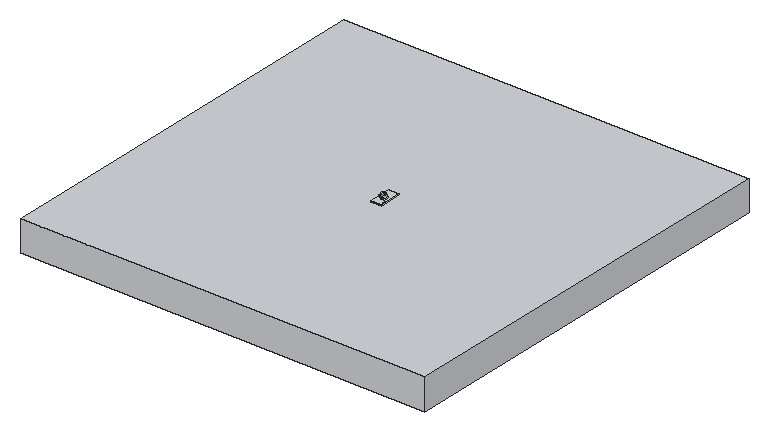
Revit family "HL_Стиральная устройство_HL404", category Instalační zařizovací předměty, Revit 2016
Family settings
  Hostitel = Plocha
  Typ součásti = Normální
  Kóta kulaté spojky = Použít průměr
  Číslo OmniClass = 23.70.50.21.37
  Nadpis OmniClass = Valves for Removal Systems
  Ořezat dutým tvarem při načtení = Ne
  Sdílené = Ano
  Bod výpočtu místnosti = Ne
Parameters (values of type "HL404")
  РАЗМЕР = "DN40/50"
  ПРОПУСКНАЯ СПОСОБНОСТЬ [instance] = 0 L/s
  ПРОИЗВОДИТЕЛЬНОСТЬ = "0,38 l/s"
  ПРАВОВАЯ ИНФОРМАЦИЯ = "Авторские права(©), права на дизайн или какие либо другие права интелектуальной собственности являются исключительной собственностью компании HL Hutterer & Lechner. Изменению не подлежит. Файл семейства с данными о прозводителе изделия защищен паролем с водяным знаком."  # constant formula
  НОМИНАЛЬНЫЙ ДИАМЕТР [instance] = 50 mm
  МАТЕРИАЛ = "PE/ V2A\r\nPE/ V2A"
  ГЛУБИНА МОНТАЖА = "65-115 mm"
  ВЕС = "0,48 [kg]"
  Výrobce = "HL Hutterer & Lechner GmbH"  # constant formula
  URL = "http://www.hutterer-lechner.com/ru/Products/catalog/washing-devices/products/HL404.aspx"
  Výchozí výška = 600 mm
  Popis = "Стиральная устройство"
  Model = "HL404"
  Komentáře k typům = "Встроенный сифон для стиральной или посудомоечной машины DN40/50 с соединительным коленом 3/4\" HL19, со снимаемым корпусом оболочки, с прочисткой, декоративной плитой из нержавеющей стали 108 х 225 мм, с возможностью установки вантуза. Глубина монтажа: 65мм."
  Keynote = "HL404"
  глубина монтажа [instance] = 115 mm
  EAN = "9003076504046"
  E [instance] = НОМИНАЛЬНЫЙ ДИАМЕТР = 50 mm  # yes
  D [instance] = if(or(глубина монтажа < 65 mm, глубина монтажа > 115 mm), 0 mm, 105 mm)  # 105 mm
  C [instance] = if(or(НОМИНАЛЬНЫЙ ДИАМЕТР = 50 mm, НОМИНАЛЬНЫЙ ДИАМЕТР = 40 mm), 6 mm, 0 mm)  # 6 mm
  A [instance] = if(НОМИНАЛЬНЫЙ ДИАМЕТР = 50 mm, 192 mm, 141 mm)  # 192 mm
Types (2, lengths in mm): name | URL | Popis | Komentáře k typům
  (no name) | "http://www.hutterer-lechner.com/en/Products/catalog/washing-devices/attachments/HL404.aspx" | "Washing devices" | "Recessed washing device trap DN40/50 with connection for air admittance valve, cleaning eye, appliance hose connector 3/4' HL19 and stainless steel coverplate 108 x 225 mm. Minimum installation depth 65 mm. Comes with lot cover."
  HL404 | "http://www.hutterer-lechner.com/ru/Products/catalog/washing-devices/products/HL404.aspx" | "Стиральная устройство" | "Встроенный сифон для стиральной или посудомоечной машины DN40/50 с соединительным коленом 3/4\" HL19, со снимаемым корпусом оболочки, с прочисткой, декоративной плитой из нержавеющей стали 108 х 225 мм, с возможностью установки вантуза. Глубина монтажа: 65мм."
Reference planes
  plane 1 "Center (Front/Back)": y = 0
  plane 2: z = 0
  plane 3 "Center (Left/Right)": x = 0
  plane 4 "Con": z = -86.5
  plane 5: z = -115
Forms (mm)
  Extrusion 1, solid
    sketch origin (0, 0, 0) x (1, 0, 0) y (0, 1, 0)
      loop
        line (-2000, 2000) -> (-2000, -2000) -> (2000, -2000) -> (2000, 2000) -> (-2000, 2000)
    from 0 to -304.8
  Extrusion 2, solid, material "Metal - steel", detail levels fine
    sketch origin (0, 0, 0) x (0, -1, 0) y (1, 0, 0)
      loop
        line (-119.557, -52.5) -> (102.443, -52.5) -> (102.443, 52.5) -> (-119.557, 52.5) -> (-119.557, -52.5)
    from 0 to 6
  Extrusion 3, solid, material "Plactic - Black", detail levels fine
    sketch origin (0, 156.429, -115) x (0, 1, 0) y (-1, 0, 0)
      loop
        line (-242.372, -25.453) -> (-163.318, -39.392)
        arc (-163.318, -39.392) -> (-147.078, -38.905) -> (-132.372, -32) r 40
        line (-132.372, -32) -> (-132.372, -40) -> (-62.672, -40)
        arc (-62.672, -40) -> (-55.601, -37.071) -> (-52.672, -30) r 10
        line (-52.672, -30) -> (-52.672, 30)
        arc (-52.672, 30) -> (-55.601, 37.071) -> (-62.672, 40) r 10
        line (-62.672, 40) -> (-132.372, 40) -> (-132.372, 32)
        arc (-132.372, 32) -> (-143.723, 37.947) -> (-156.372, 40) r 40
        line (-156.372, 40) -> (-228.776, 40)
        arc (-228.776, 40) -> (-236.49, 37.193) -> (-240.594, 30.084) r 12
        line (-240.594, 30.084) -> (-242.372, 20) -> (-242.372, -25.453)
    from 0 to 28.5
  Extrusion 4, solid, material "Plactic - Black", detail levels fine
    sketch origin (0, 156.429, -115) x (0, 1, 0) y (-1, 0, 0)
      loop
        line (-160.046, -42) -> (-62.672, -42)
        arc (-62.672, -42) -> (-54.187, -38.485) -> (-50.672, -30) r 12
        line (-50.672, -30) -> (-50.672, 30)
        arc (-50.672, 30) -> (-54.187, 38.485) -> (-62.672, 42) r 12
        line (-62.672, 42) -> (-230.372, 42)
        arc (-230.372, 42) -> (-240.271, 37.899) -> (-244.372, 28) r 14
        line (-244.372, 28) -> (-244.372, -27.131) -> (-160.046, -42)
    from 28.5 to 115
  Revolve 5, solid, material "Plactic - Black", detail levels fine
    sketch origin (-211.611, -4610.912, -86.5) x (-1, 0, 0) y (0, -1, 0)
      loop
        line (-231.606, -4525.07) -> (-211.611, -4525.07) -> (-211.611, -4472.97) -> (-231.606, -4472.97) -> (-231.606, -4525.07)
      axis (-211.611, -4472.97) -> (-211.611, -4525.07)
    angle from 0 to 360
  Revolve 6, solid, material "Plactic - Black", visible <- "E", detail levels fine
    sketch origin (-211.611, -4610.912, -86.5) x (-1, 0, 0) y (0, -1, 0)
      loop
        line (-236.6, -4472.97) -> (-211.611, -4472.97) -> (-211.611, -4418.97) -> (-236.6, -4418.97) -> (-236.6, -4472.97)
      axis (-211.611, -4472.97) -> (-211.611, -4418.97)
    angle from 0 to 360
  Revolve 7, void
    sketch origin (-211.611, -4610.912, -86.5) x (-1, 0, 0) y (0, -1, 0)
      loop
        line (-228.607, -4477.449) -> (-211.611, -4477.449) -> (-211.611, -4465.291) -> (-228.607, -4465.291) -> (-228.607, -4477.449)
      axis (-211.611, -4477.449) -> (-211.611, -4465.291)
    angle from 0 to 360
  Revolve 8, solid, material "Plactic - White", detail levels fine
    sketch origin (0, 0.057, -28) x (0, 0, -1) y (0, 1, 0)
      loop
        line (-52, 0) -> (-52, -15.004) -> (-42, -15.004) -> (-42, -24.074) -> (-34, -24.074) -> (-34, 0) -> (-52, 0)
      axis (-52, 0) -> (-34, 0)
    angle from 0 to 360
Cuts and joins
  Revolve 7 cuts Revolve 6
  joined: Extrusion 4, Revolve 5
Lines and regions (mm)
  reference lines
    curve 1: line (0, -192, -86.5) -> (0, -132.093, -86.5)
  model lines, style "Logo", detail levels fine
    curve 2: line (39, -92.976, 6) -> (39, -99.976, 6)
    curve 3: line (39, -96.476, 6) -> (43.434, -96.476, 6)
    curve 4: line (43.434, -92.976, 6) -> (43.434, -99.976, 6)
    curve 5: line (45.827, -92.976, 6) -> (45.827, -99.976, 6)
    curve 6: line (45.827, -99.976, 6) -> (49.93, -99.976, 6)
  model lines, detail levels coarse+medium
    curve 7: line (0, -191.943, -86.5) -> (0, 0.057, -86.5)
    curve 8: line (0, 0.057, -86.5) -> (0, 0.057, 54.1)
    curve 9: line (0, 0.057, 54.1) -> (0, -57.243, 54.1)
  symbolic lines, detail levels coarse+medium
    curve 10: line (0, 0, 0) -> (0, 0, 105)
    curve 11: line (40, 0, 65) -> (-40, 0, 65)
Dimensions and locks
  "A": curve 1 to plane 1 "Center (Front/Back)"
  locked: plane 4 "Con" to plane 5 at 28.5
  "глубина монтажа": plane 2 to plane 5
  "C": Extrusion 2 to Extrusion 2
  "D": Extrusion 2 sketch curve to Extrusion 2 sketch curve
  aligned and locked: Extrusion 1 to plane 2
  aligned and locked: Extrusion 1 to level
  aligned and locked: plane 2 to Extrusion 4
Automatic sketch dimensions
  Extrusion 1 sketch curve to Extrusion 1 sketch curve = 4000 mm  (x2)
  Extrusion 3 sketch curve to Extrusion 3 sketch curve = 0 mm  (x3)
  Extrusion 3 sketch curve to plane 3 "Center (Left/Right)" = 0 mm
  Extrusion 3 sketch curve to plane 3 "Center (Left/Right)" = 20 mm
  plane 1 "Center (Front/Back)" to Extrusion 3 sketch curve = 85.943 mm
  Extrusion 3 sketch curve to plane 3 "Center (Left/Right)" = 30.084 mm
  Extrusion 3 sketch curve to Extrusion 3 sketch curve = 1.778 mm
  Extrusion 3 sketch curve to Extrusion 3 sketch curve = 11.818 mm
  plane 1 "Center (Front/Back)" to Extrusion 3 sketch curve = 6.889 mm
  Extrusion 3 sketch curve to plane 1 "Center (Front/Back)" = 0.057 mm
  Extrusion 3 sketch curve to plane 1 "Center (Front/Back)" = 24.057 mm  (x2)
  Extrusion 3 sketch curve to plane 3 "Center (Left/Right)" = 30 mm
  Extrusion 3 sketch curve to Extrusion 3 sketch curve = 69.7 mm
  plane 3 "Center (Left/Right)" to Extrusion 3 sketch curve = 40 mm
  Extrusion 3 sketch curve to Extrusion 3 sketch curve = 10 mm
  Extrusion 3 sketch curve to Extrusion 3 sketch curve = 0.608 mm
  Extrusion 3 sketch curve to Extrusion 3 sketch curve = 2.084 mm
  plane 3 "Center (Left/Right)" to Extrusion 4 sketch curve = 27.131 mm
  plane 1 "Center (Front/Back)" to Extrusion 4 sketch curve = 87.943 mm
  Extrusion 4 sketch curve to Extrusion 4 sketch curve = 14 mm
  plane 1 "Center (Front/Back)" to Extrusion 4 sketch curve = 3.617 mm
  Extrusion 4 sketch curve to plane 3 "Center (Left/Right)" = 42 mm
  Extrusion 4 sketch curve to plane 1 "Center (Front/Back)" = 93.757 mm
  plane 3 "Center (Left/Right)" to Extrusion 4 sketch curve = 42 mm
  Extrusion 4 sketch curve to Extrusion 4 sketch curve = 0 mm
  Extrusion 4 sketch curve to Extrusion 4 sketch curve = 12 mm
  Revolve 5 sketch curve to plane 3 "Center (Left/Right)" = 0 mm
  plane 3 "Center (Left/Right)" to Revolve 5 sketch curve = 0 mm
  Revolve 5 sketch curve to Revolve 5 sketch curve = 19.995 mm
  plane 1 "Center (Front/Back)" to Revolve 5 sketch curve = 85.843 mm
  Revolve 5 sketch curve to Revolve 5 sketch curve = 52.1 mm
  Revolve 5 sketch curve to Revolve 5 sketch curve = 7.643 mm
  Revolve 5 sketch curve to Revolve 5 sketch curve = 20.257 mm
  Revolve 7 sketch curve to plane 3 "Center (Left/Right)" = 0 mm  (x2)
  Revolve 7 sketch curve to Revolve 7 sketch curve = 16.996 mm
  plane 1 "Center (Front/Back)" to Revolve 7 sketch curve = 133.463 mm
  Revolve 7 sketch curve to Revolve 7 sketch curve = 12.158 mm
  Revolve 7 sketch curve to Revolve 7 sketch curve = 5.07 mm
  Revolve 7 sketch curve to Revolve 7 sketch curve = 12.772 mm
  curve 5 to Extrusion 2 = 9.467 mm
  curve 2 to Extrusion 2 = 2.467 mm
  curve 2 to Extrusion 2 = 13.5 mm
  curve 4 to curve 5 = 0 mm  (x2)
  curve 2 to curve 4 = 0 mm
  curve 4 to curve 3 = 3.5 mm
  curve 4 to Extrusion 2 = 2.467 mm
  curve 3 to curve 3 = 4.434 mm
  curve 4 to curve 5 = 2.393 mm
  curve 6 to Extrusion 2 = 2.57 mm
  Revolve 6 sketch curve to plane 3 "Center (Left/Right)" = 0 mm  (x2)
  plane 3 "Center (Left/Right)" to Revolve 6 sketch curve = 24.989 mm
  plane 1 "Center (Front/Back)" to Revolve 6 sketch curve = 137.943 mm
  Revolve 6 sketch curve to Revolve 6 sketch curve = 3.76 mm
  Revolve 6 sketch curve to Revolve 6 sketch curve = 23.671 mm
  Revolve 6 sketch curve to Revolve 6 sketch curve = 54 mm
  curve 7 to plane 4 "Con" = 0 mm
  curve 8 to plane 1 "Center (Front/Back)" = 0.057 mm  (x2)
  level to curve 9 = 54.1 mm
  curve 9 to curve 8 = 57.3 mm
  plane 1 "Center (Front/Back)" to curve 7 = 191.943 mm
  level to Revolve 8 sketch curve = 24 mm
  level to Revolve 8 sketch curve = 14 mm
  Revolve 8 sketch curve to plane 1 "Center (Front/Back)" = 0.057 mm  (x2)
  level to Revolve 8 sketch curve = 6 mm
  plane 1 "Center (Front/Back)" to Revolve 8 sketch curve = 14.947 mm
  Revolve 8 sketch curve to Revolve 8 sketch curve = 9.069 mm
  Revolve 8 sketch curve to Revolve 8 sketch curve = 12.238 mm
  level to Revolve 8 sketch curve = 1.6 mm
  plane 3 "Center (Left/Right)" to Extrusion 3 sketch curve = 25.453 mm
  curve 10 to plane 3 "Center (Left/Right)" = 0 mm
  curve 10 to level = 0 mm
  curve 11 to plane 3 "Center (Left/Right)" = 40 mm
  plane 3 "Center (Left/Right)" to curve 11 = 40 mm
  level to curve 11 = 65 mm
  curve 11 to curve 10 = 40 mm
  Extrusion 2 sketch curve to plane 3 "Center (Left/Right)" = 52.5 mm
  Extrusion 2 sketch curve to plane 1 "Center (Front/Back)" = 119.557 mm
  plane 1 "Center (Front/Back)" to Extrusion 2 sketch curve = 102.443 mm
  curve 1 to plane 3 "Center (Left/Right)" = 0 mm
  curve 1 to curve 1 = 59.907 mm
Nested families
  nested 1: "HL_Соединительное колено_HL19" at (0, 0.057, 24) x (1, 0.0007, 0) z (0, 0, 1), type "HL19_Main Component", detail levels fine
Connectors
  piping at (0, -192, -86.5), diameter 50, driven by "НОМИНАЛЬНЫЙ ДИАМЕТР", driven by "ПРОПУСКНАЯ СПОСОБНОСТЬ"
    settings: on curve 1, index 1, connector inside diameter 609.6 mm, connector length 0 mm, flow factor 0, pipe flow 0 L/s, pressure drop 0.00 Pa, fitting loss kfactor 0, connector angle 0.00°, fixture units 0, engagement length 0 mm, angle of deflection 0.00°, flow configuration 1, flow direction 2, fitting loss method 0, system type 16, joint type 0, gender type 0, connector reference index -1, connector utility 0, adjustable connector yes, is connector primary yes, connector description ""
Definition of nested family "HL_Соединительное колено_HL19"
  Parameters (values of type "HL19")
    РАЗМЕР = "1\" x 3/4\""
    ПРОПУСКНАЯ СПОСОБНОСТЬ = 0 L/s
    ПРАВОВАЯ ИНФОРМАЦИЯ = "Авторские права(©), права на дизайн или какие либо другие права интелектуальной собственности являются исключительной собственностью компании HL Hutterer & Lechner. Изменению не подлежит. Файл семейства с данными о прозводителе изделия защищен паролем с водяным знаком."  # constant formula
    НОМИНАЛЬНЫЙ ДИАМЕТР = 25 mm
    МАТЕРИАЛ = "PP"
    ВЕС = "0,02 [kg]"
    Manufacturer = "HL Hutterer & Lechner GmbH"  # constant formula
    URL = "http://www.hutterer-lechner.com/ru/Products/catalog/washing-devices/products/HL19.aspx"
    Description = "Стиральная устройство"
    Model = "HL19"
    Type Comments = "Соединительное колено для стиральной или посудомоечной машины 1\" х подсоединение шланга 3/4\" (d 17 - 23 мм) "
    Keynote = "HL19"
    EAN = "9003076100194"
  Values of the unnamed type that differ from the named types
    URL = "http://www.hutterer-lechner.com/en/Products/catalog/washing-devices/attachments/HL19.aspx"
    Description = "Washing devices"
    Type Comments = "Appliance hose connector 1' x 3/4' with O-ring"
  Reference planes
    plane 1 "Center (Front/Back)": y = 0
    plane 2: z = 0
    plane 3 "Center (Left/Right)": x = 0
  Forms (mm)
    Revolve 1, solid
      sketch origin (0, 0, -53.5) x (0, 0, -1) y (0, 1, 0)
        loop
          line (-95.35, -23.5) -> (-92.114, -57.3) -> (-83.6, -57.3) -> (-83.6, -23.5) -> (-95.35, -23.5)
        axis (-83.6, -23.5) -> (-83.6, -57.3)
      angle from 0 to 360
    Revolve 2, solid
      sketch origin (0, 0, -53.5) x (0, 0, -1) y (0, 1, 0)
        loop
          line (-61, -18.4) -> (-46, -18.4) -> (-46, -20.15) -> (-43.5, -20.15) -> (-43.5, 0) -> (-61, 0) -> (-61, -18.4)
        axis (-61, 0) -> (-43.5, 0)
      angle from 0 to 360
    Sweep 3, solid
      path origin (0, 0, -10) x (0, 1, 0) y (0, 0, 1)
        loop
          line (-23.5, 40.1) -> (-9.5, 40.1)
          arc (-9.5, 40.1) -> (-2.782, 37.318) -> (0, 30.6) r 9.5
          line (0, 30.6) -> (0, 17.5)
      profile origin (0, -16.5, 30.1) x (0, 0, 1) y (1, 0, 0)
        loop
          circle (0, 0) r 9.4
  Dimensions and locks
    aligned and locked: level to plane 2
